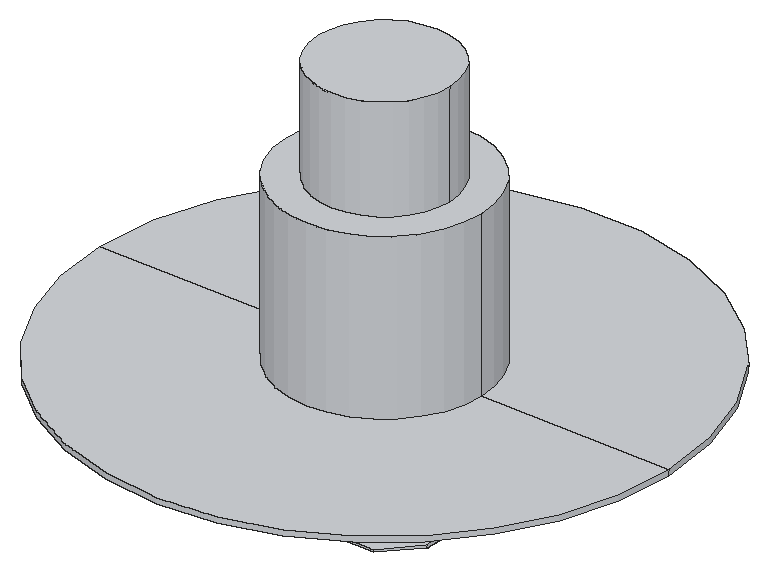
Revit family "XLQRPC", category Sprinklers, Revit 2019
Family settings
  Maintain Annotation Orientation = No
  Round Connector Dimension = Use Diameter
  Part Type = Normal
  OmniClass Number = 23.85.30.21
  OmniClass Title = Environmental Detection/Registration
  Work Plane-Based = No
  Always vertical = Yes
  Cut with Voids When Loaded = No
  Shared = No
  Room Calculation Point = No
Parameters (values of type "RASCO XL QR COMMERCIAL PENDENT")
  Temperature Rating = 165 °F
  Response = Quick
  RASCO SIN # = "R4514"
  RASCO Part # = "XLQRPC"
  Pressure Rating = "175 PSI"
  Pressure Class = Standard
  Orifice Size = 7/16"
  Orifice = Standard
  Model = "XL  QR COMMERCIAL PENDENT"
  Manufacturer = "RASCO"
  K-Factor = 5.6
  Diameter = 5 5/128"
  Description = "CHROME FINISH"
  Coverage = Standard
Reference planes (in)
  plane 1 "Center (Front/Back)": y = 0
  plane 2: z = 0
  plane 3 "Center (Left/Right)": x = 0
Nested families (in)
  nested 1: "RASCO- XLQRPC" at (0, 1.12168, 0), type "RASCO XL QR COMMERCIAL PENDENT"
Connectors (in)
  piping at (0, 1.12168, 2.509), diameter 0.8125
    settings: on nested 1, index 1, connector inside diameter 24", connector length 0' - 0", flow factor 0, pipe flow 0 GPM, pressure drop 0.00 psi, fitting loss kfactor 0, connector angle 0.00°, fixture units 0, engagement length 0' - 0", angle of deflection 0.00°, flow configuration 0, flow direction 0, fitting loss method 0, system type 7, joint type 0, gender type 0, connector reference index -1, connector utility 0, adjustable connector no, is connector primary yes, connector description ""
Definition of nested family "RASCO- XLQRPC"
  Parameters (values of type "RASCO XL INSTITUTIONAL")
    Type Comments = ""
    Temperature Rating = 0 °F
    Response = (empty or 0)
    Pressure Rating = "0"
    Pressure Class = (empty or 0)
    Orifice Size = 0"
    Orifice = (empty or 0)
    Model = ""
    Manufacturer = ""
    K-Factor = 0
    Coverage = (empty or 0)
    Assembly Code = ""
  Reference planes (in)
    plane 1 "Center (Front/Back)": y = 0
    plane 2: z = 0
    plane 3 "Center (Left/Right)": x = 0
    plane 4 "ref.2": z = 0.873
    plane 5 "ref.3": z = 1.878
    plane 6 "ref. 4": z = 0.294
    plane 7: z = 0.166
    plane 8: z = 0.363
    plane 9 "ref. 5": z = 0.06291
  Forms (in)
    Extrusion 1, solid
      sketch origin (0, 0, 0.873) x (-1, 0, 0) y (0, -1, 0)
        loop
          circle (0, 0) r 0.598
      from 0 to 1.005
    Extrusion 2, solid
      sketch origin (0, 0, 1.75079) x (-1, 0, 0) y (0, -1, 0)
        loop
          circle (0, 0) r 0.405
      from 0.12721 to 0.75821
    Revolve 3, solid
      sketch origin (0, 0, 0.363) x (1, 0, 0) y (0, 0, 1)
        loop
          line (0, 0.51) -> (-1.75, 0.51) -> (-1.75, 0.47626) -> (-0.628, 0) -> (0, 0) -> (0, 0.51)
        axis (0, 0.51) -> (0, 0)
      angle from 0 to 360
    Extrusion 4, solid
      sketch origin (0, 0, 0.294) x (0, -1, 0) y (1, 0, 0)
        loop
          circle (0, 0) r 0.614
      from 0.069 to 0
    Revolve 5, solid
      sketch origin (0, 0, 0) x (1, 0, 0) y (0, 0, 1)
        loop
          line (-0.5, 0.294) -> (-0.20877, 0.166) -> (0, 0.166) -> (0, 0.294) -> (-0.5, 0.294)
        axis (0, 0.294) -> (0, 0.166)
      angle from 0 to 360
    Extrusion 6, solid
      sketch origin (0, 0, 0) x (1, 0, 0) y (0, 0, 1)
        loop
          line (-0.34833, 0.24105) -> (-0.37436, 0.19597)
          arc (-0.37436, 0.19597) -> (-0.38219, 0.17257) -> (-0.38025, 0.14797) r 0.06189
          line (-0.38025, 0.14797) -> (-0.35586, 0.06291) -> (-0.39443, 0.0359) -> (-0.35853, 0) -> (-0.31379, 0.03133)
          arc (-0.31379, 0.03133) -> (-0.3038, 0.04447) -> (-0.30329, 0.06097) r 0.02708
          line (-0.30329, 0.06097) -> (-0.32899, 0.15061)
          arc (-0.32899, 0.15061) -> (-0.33022, 0.16619) -> (-0.32526, 0.18101) r 0.03919
          line (-0.32526, 0.18101) -> (-0.30503, 0.21605) -> (-0.34833, 0.24105)
        loop
          line (0.34833, 0.24105) -> (0.30503, 0.21605) -> (0.32526, 0.18101)
          arc (0.32526, 0.18101) -> (0.33022, 0.16619) -> (0.32899, 0.15061) r 0.03919
          line (0.32899, 0.15061) -> (0.30329, 0.06097)
          arc (0.30329, 0.06097) -> (0.3038, 0.04447) -> (0.31379, 0.03133) r 0.02708
          line (0.31379, 0.03133) -> (0.35853, 0) -> (0.39443, 0.0359) -> (0.35586, 0.06291) -> (0.38025, 0.14797)
          arc (0.38025, 0.14797) -> (0.38219, 0.17257) -> (0.37436, 0.19597) r 0.06189
          line (0.37436, 0.19597) -> (0.34833, 0.24105)
      from -0.11113 to 0.11041
    Extrusion 7, solid
      sketch origin (-0.0518, -0.12961, 0.06291) x (-1, 0, 0) y (0, -1, 0)
        loop
          line (0.19208, -0.51961) -> (0.3692, -0.32259) -> (0.3692, 0.06101) -> (0.18997, 0.26039) -> (-0.29859, 0.26039) -> (-0.4728, 0.06659) -> (-0.4728, -0.32111) -> (-0.29435, -0.51961) -> (0.19208, -0.51961)
      from 0 to 0.012
